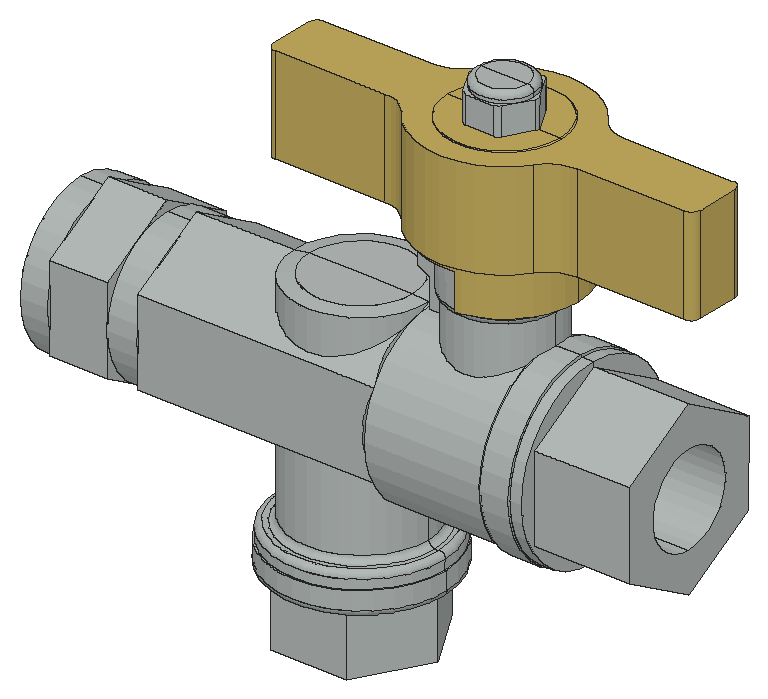
Revit family "QP11150000", category Apparecchi idraulici, Revit 2020
Family settings
  Quota connettore circolare = Usa diametro
  Tipo di parte = Normale
  Numero OmniClass = 23.45.00.00
  Titolo OmniClass = Sanitary, Laundry, and Cleaning Equipment
  Basato su piano di lavoro = No
  Sempre verticale = Sì
  Taglio con vuoti quando caricato = No
  Condiviso = No
  Punto di calcolo locali = No
Parameters
  URL = "https://web.cimberio.com/index.php/figura/594?subcategoria_id="
  Temperatura di esercizio = "-20 ÷ 60°C"
  Prospetto di default = 0 mm
  Produttore = "CIMBERIO SPA"
  Pressione nominale = "MOP 5"
  Modello = "Cim 621G"
  Materiale = "Prodotto in lega di ottone conforme alla norma EN 12165-CW617N-DW"
  Descrizione = "Utilizzato nell’impiantistica distributiva di gas a bassa pressione per le categorie:\r\nGas naturali: gas derivati dal petrolio (Metano) e gas di ricambio.\r\nGas di città: prodotti secondo i diversi procedimenti (Cracking - Cokerie - ecc.).\r\nGas liquidi: propano e miscele di gas propano/butano.\r\nProtegge e risolve le problematiche di installazione nella filtrazione dei gas, trattenendo impurità, sabbia, ruggine, trucioli metallici presenti nelle condutture, assicurando così una protezione totale all’impianto"
  DN Model [instance] = QP11151015 : QP11151015
  DN [instance] = 15 mm
  Commenti sul tipo = "Realizzato in ottemperanza ai requisiti gestionali della norma EN ISO 9001.\r\nCollaudato al 100% secondo la normativa EN 12266-1"
Reference planes
  plane 1 "Centro (Fronte/Retro)": y = 0
  plane 2: z = 0
  plane 3 "Centro (Sinistra/Destra)": x = 0
Dimensions and locks
  aligned and locked: level to plane 2
Nested families
  nested 1: "QP11151015" at (0, 0, 0), type <- "DN Model", type "QP11151015"
  nested 2: "QP11151015" at (0, 0, 0), type <- "DN Model", type "QP11151015"
  nested 3: "QP11151015" at (0, 0, 0), type <- "DN Model", type "QP11151015"
Connectors
  piping at (30.3, 0, 0), diameter 15, driven by "DN"
    settings: on nested 1, index 1, connector inside diameter 609.6 mm, connector length 0 mm, flow factor 0, pipe flow 0.0 L/s, pressure drop 0.0 Pa, fitting loss kfactor 0, connector angle 0.00°, fixture units 0, engagement length 0 mm, angle of deflection 0.00°, flow configuration 0, flow direction 0, fitting loss method 0, system type 7, joint type 0, gender type 0, connector reference index -1, connector utility 0, adjustable connector no, is connector primary yes, connector description ""
  piping at (-70, 0, 0), diameter 15, driven by "DN"
    settings: on nested 1, index 2, connector inside diameter 609.6 mm, connector length 0 mm, flow factor 0, pipe flow 0.0 L/s, pressure drop 0.0 Pa, fitting loss kfactor 0, connector angle 0.00°, fixture units 0, engagement length 0 mm, angle of deflection 0.00°, flow configuration 0, flow direction 0, fitting loss method 0, system type 7, joint type 0, gender type 0, connector reference index -1, connector utility 0, adjustable connector no, is connector primary no, connector description ""
Definition of nested family "QP11151015"
  Parameters (values of type "QP11151015")
    Default Elevation = 0 mm
  Reference planes
    plane 1 "Centro (Fronte/Retro)": y = 0
    plane 2: z = 0
    plane 3 "Centro (Sinistra/Destra)": x = 0
  Forms (mm)
    Extrusion 1, solid
      sketch origin (0, 0, 0) x (0, 0, -1) y (0, 1, 0)
        loop
          circle (0, 0) r 7.5
        loop
          line (-14, 0) -> (-7, -12.124) -> (7, -12.124) -> (14, 0) -> (7, 12.124) -> (-7, 12.124) -> (-14, 0)
      from -50.5 to -11
    Extrusion 2, solid
      sketch origin (0, 0, 0) x (0, 0, 1) y (0, -1, 0)
        loop
          circle (0, 0) r 7.5
        loop
          line (14.05, 0) -> (7.025, 12.168) -> (-7.025, 12.168) -> (-14.05, 0) -> (-7.025, -12.168) -> (7.025, -12.168) -> (14.05, 0)
      from 14.6 to 30.3
    Revolve 3, solid
      sketch origin (0, 0, 2.5) x (1, 0, 0) y (0, 0, 1)
        loop
          line (0, 43.3) -> (-9.25, 43.3) -> (-12.25, 40.3) -> (-12.25, 20.3) -> (-7.802, 20.3) -> (-7.802, 39.889) -> (0, 39.889) -> (0, 43.3)
        axis (0, 43.3) -> (0, 20.3)
      angle from 0 to 360
    Extrusion 4, void
      sketch origin (0, 0, 0) x (1, 0, 0) y (0, 1, 0)
        loop
          arc (-12.226, -0.772) -> (-7.782, -9.46) -> (1.6, -12.145) r 12.25
          line (1.6, -12.145) -> (1.6, -7.898)
          arc (1.6, -7.898) -> (-2.859, -5.409) -> (-4.999, -0.772) r 8.25
          line (-4.999, -0.772) -> (-12.226, -0.772)
      from 21.96 to 28.8
    Extrusion 5, solid
      sketch origin (-0.001, 0, 0) x (1, -0.000098, 0) y (0.000098, 1, 0)
        loop
          arc (-2.307, 5) -> (-2.809, 4.865) -> (-3.177, 4.498) r 1.004
          line (-3.177, 4.498) -> (-5.487, 0.496)
          arc (-5.487, 0.496) -> (-5.62, 0) -> (-5.487, -0.496) r 0.992
          line (-5.487, -0.496) -> (-3.188, -4.478)
          arc (-3.188, -4.478) -> (-2.806, -4.86) -> (-2.284, -5) r 1.043
          line (-2.284, -5) -> (2.288, -5)
          arc (2.288, -5) -> (2.806, -4.861) -> (3.186, -4.481) r 1.038
          line (3.186, -4.481) -> (5.496, -0.481)
          arc (5.496, -0.481) -> (5.625, 0) -> (5.496, 0.481) r 0.963
          line (5.496, 0.481) -> (3.176, 4.499)
          arc (3.176, 4.499) -> (2.809, 4.866) -> (2.309, 5) r 1.001
          line (2.309, 5) -> (-2.307, 5)
      from 45.8 to 50.3
    Revolve 6, solid
      sketch origin (0, 0, 0) x (1, 0, 0) y (0, 0, 1)
        loop
          line (0, 51.8) -> (0, 49.926) -> (4.75, 49.926) -> (4.75, 50.8)
          arc (4.75, 50.8) -> (4.457, 51.507) -> (3.75, 51.8) r 1
          line (3.75, 51.8) -> (0, 51.8)
        axis (0, 51.8) -> (0, 49.926)
      angle from 0 to 360
    Revolve 7, solid
      sketch origin (0, 0, 0) x (1, 0, 0) y (0, 0, 1)
        loop
          line (0.067, 27.3) -> (-9, 27.3) -> (-8.874, 20.742)
          arc (-8.874, 20.742) -> (-8.731, 20.295) -> (-8.367, 20) r 0.819
          line (-8.367, 20) -> (-8.367, 7.3) -> (0.067, 7.3) -> (0.067, 27.3)
        axis (0.067, 7.3) -> (0.067, 27.3)
      angle from 0 to 360
    Revolve 8, solid
      sketch origin (0, 0, 0) x (1, 0, 0) y (0, 0, 1)
        loop
          line (12.6, -7.5) -> (-13.15, -7.5) -> (-13.15, -12.65) -> (-11.5, -14.3) -> (7.5, -14.3)
          arc (7.5, -14.3) -> (7.635, -14.732) -> (8, -15) r 0.726
          line (8, -15) -> (12.6, -15) -> (12.6, -7.5)
        axis (12.6, 0) -> (-13.15, 0)
      angle from 0 to 360
    Revolve 9, solid
      sketch origin (0, 0, 0) x (1, 0, 0) y (0, 0, 1)
        loop
          line (12.6, 14.75) -> (12.6, 7.5) -> (14.6, 7.5) -> (14.6, 14.75) -> (12.6, 14.75)
        axis (12.6, 0) -> (14.6, 0)
      angle from 0 to 360
    Extrusion 10, solid
      sketch origin (0, 0, 0) x (1, 0, 0) y (0, 0, 1)
        loop
          line (-13, 26.3) -> (-13, 20) -> (-11, 18.845) -> (-11, 12.307) -> (-7.367, 12.307) -> (-7.367, 26.3) -> (-13, 26.3)
      from 0 to 1.5
    Extrusion 11, solid
      sketch origin (0, 0, 0) x (1, 0, 0) y (0, 1, 0)
        loop
          arc (-35, -3.5) -> (-34.561, -4.561) -> (-33.5, -5) r 1.5
          line (-33.5, -5) -> (-15.798, -5)
          arc (-15.798, -5) -> (-13.02, -5.682) -> (-10.874, -7.571) r 6
          arc (-10.874, -7.571) -> (0, -13.25) -> (10.874, -7.571) r 13.25
          arc (10.874, -7.571) -> (13.02, -5.682) -> (15.798, -5) r 6
          line (15.798, -5) -> (33.5, -5)
          arc (33.5, -5) -> (34.561, -4.561) -> (35, -3.5) r 1.5
          line (35, -3.5) -> (35, 3.5)
          arc (35, 3.5) -> (34.561, 4.561) -> (33.5, 5) r 1.5
          line (33.5, 5) -> (15.798, 5)
          arc (15.798, 5) -> (13.02, 5.682) -> (10.874, 7.571) r 6
          arc (10.874, 7.571) -> (0, 13.25) -> (-10.874, 7.571) r 13.25
          arc (-10.874, 7.571) -> (-13.02, 5.682) -> (-15.798, 5) r 6
          line (-15.798, 5) -> (-33.5, 5)
          arc (-33.5, 5) -> (-34.561, 4.561) -> (-35, 3.5) r 1.5
          line (-35, 3.5) -> (-35, -3.5)
      from 29.84 to 45.713
    Revolve 12, solid
      sketch origin (0, 0, 0) x (1, 0, 0) y (0, 0, 1)
        loop
          line (-37.5, -24.428) -> (-37.5, -27.428)
          arc (-37.5, -27.428) -> (-37.207, -28.135) -> (-36.5, -28.428) r 1
          line (-36.5, -28.428) -> (-31, -28.428) -> (-31, -24.428) -> (-37.5, -24.428)
        axis (-23.5, -28.428) -> (-23.5, -24.428)
      angle from 0 to 360
    Revolve 13, solid
      sketch origin (0, 0, 0) x (1, 0, 0) y (0, 0, 1)
        loop
          line (-31, -21.928) -> (-36.25, -21.928)
          arc (-36.25, -21.928) -> (-36.957, -22.221) -> (-37.25, -22.928) r 1
          line (-37.25, -22.928) -> (-37.25, -24.428) -> (-31, -24.428) -> (-31, -21.928)
        axis (-23.5, -24.428) -> (-23.5, -21.928)
      angle from 0 to 360
    Revolve 14, solid
      sketch origin (0, 0, 0) x (1, 0, 0) y (0, 0, 1)
        loop
          line (-31, -21.928) -> (-31, 11.872) -> (-23.5, 11.872) -> (-23.5, 14.372) -> (-32, 14.372)
          arc (-32, 14.372) -> (-33.259, 14.247) -> (-34.5, 14) r 13.001
          line (-34.5, 14) -> (-34.5, -20.928)
          arc (-34.5, -20.928) -> (-34.793, -21.635) -> (-35.5, -21.928) r 1
          line (-35.5, -21.928) -> (-31, -21.928)
        axis (-23.5, -21.928) -> (-23.5, 14.372)
      angle from 0 to 360
    Extrusion 15, solid
      sketch origin (-23.5, 0, -24.428) x (0, 1, 0) y (1, 0, 0)
        loop
          circle (0, 0) r 7.5
        loop
          line (0, 12.5) -> (-10.825, 6.25) -> (-10.825, -6.25) -> (0, -12.5) -> (10.825, -6.25) -> (10.825, 6.25) -> (0, 12.5)
      from 3 to 14
    Extrusion 16, solid
      sketch origin (-14.5, 0, 0) x (0, 0, -1) y (0, 1, 0)
        loop
          circle (0, 0) r 7.5
        loop
          line (-14, 0) -> (-7, -12.124) -> (7, -12.124) -> (14, 0) -> (7, 12.124) -> (-7, 12.124) -> (-14, 0)
      from -50.5 to -41
    Revolve 17, solid
      sketch origin (0, 0, 0) x (1, 0, 0) y (0, 0, 1)
        loop
          line (-65, 12.5) -> (-69.5, 12.5) -> (-70, 11.786) -> (-70, 7.5) -> (-65, 7.5) -> (-65, 12.5)
        axis (-70, 0) -> (-65, 0)
      angle from 0 to 360
    Revolve 18, solid
      sketch origin (0, 0, 0) x (1, 0, 0) y (0, 0, 1)
        loop
          line (-55.5, 12.25) -> (-55.5, 7.5) -> (-50.5, 7.5) -> (-50.5, 12.25) -> (-55.5, 12.25)
        axis (-55.5, 0) -> (-50.5, 0)
      angle from 0 to 360
  Cuts and joins
    Extrusion 4 cuts Revolve 3
    joined: Revolve 7, Revolve 8
    joined: Extrusion 1, Revolve 14
  Dimensions and locks
    aligned and locked: level to plane 2
